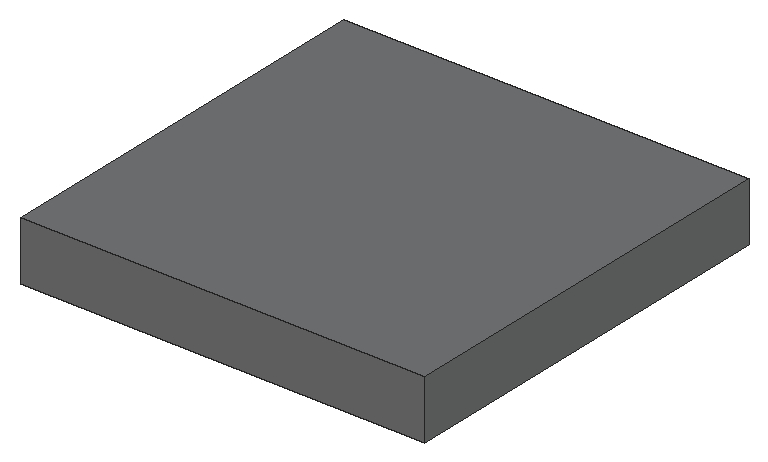
Revit family "Gira_536627", category Electrical Fixtures, host Face, Revit 2017
Family settings
  Host = Face
  Maintain Annotation Orientation = No
  Round Connector Dimension = Use Diameter
  Part Type = Normal
  Cut with Voids When Loaded = No
  Shared = No
  Room Calculation Point = No
Parameters (values of type "S3000 blind timer + timer Display System 55 p.white m")
  With LED indication = "Yes"
  URL = "http://katalog.gira.de/en/datenblatt.html?artikelnr=536627"
  Transparent = "No"
  Suitable for application with venetian shutter switch = "Yes"
  Suitable for application with switch = "No"
  Suitable for application with dimmer = "No"
  Number of actuation points = "4"
  Name = "S3000 blind timer + timer Display System 55 p.white m"
  Manufacturer URL = "https://www.gira.de/"
  Manufacturer = "Gira"
  Keynote = ""
  HeinzeBIM = "https://bimportal.heinze.de/bim/s3000-blind-timer-timer-display-system-55-p-white-m/ba0f8faf8da525392db5b70149b47ed1c3a6cdd6"
  HAN = "536627"
  GTIN = "4010337027461"
  Description = "S3000 blind tim. tim.Displ. Sys55 PWm,System 3000 blind timer and timer Display,,pure white matt,Features:,- Operation via capacitive sensor surface.,- Fast programming for adopting the current time as the programmed movement time switching time.,- Automatic summer winter time switchover, deactivatable.,- Switching at sunrise or sunset (astro function) adjustable for 18 countries.,- Astro time for sunrise and sunset can be individually adjusted by +-2 hours.,- The blocking function blocks operation of the auxiliary unit and deactivates automatic mode.,- The display turns off after 2 minutes, permanent display of time is possible.,- Programming of one raising and one lowering time or two switch-on and switch-off times for each day in week segments Mon-Fri and Sat+Sun."
  Default Elevation = 1219.2 mm
  Data sheet (1) = "https://katalog.gira.de/en/download.html?artikelnr=536627"
  Category = "Intelligent control element"
  BIM (1) = "https://media.stage.bim.site/public/gira/36a6b08/Sys55_Abdeckung_Schalten und Tasten.rfa?public/gira/36a6b08/Sys55_Abdeckung_Schalten und Tasten.rfa"
  Available = "No"
  Application = "Control of electrical users"
  Anthrazit [instance] = Anthrazit
Reference planes
  plane 1 "Center (Front/Back)": y = 0
  plane 2: z = 0
  plane 3 "Center (Left/Right)": x = 0
Forms (mm)
  Extrusion 1, solid, material "Anthrazit" <- "Anthrazit", detail levels fine
    sketch origin (0, 0, 0) x (1, 0, 0) y (0, 1, 0)
      loop
        line (-27.5, 27.5) -> (-27.5, -27.5) -> (27.5, -27.5) -> (27.5, 27.5) -> (-27.5, 27.5)
    from 0 to 8
  Extrusion 2, void
    sketch origin (0, 0, 0) x (1, 0, 0) y (0, 1, 0)
      loop
        line (26, 26) -> (-26, 26) -> (-26, -26) -> (26, -26) -> (26, 26)
    from 0 to 6
  Extrusion 3, solid, material "Anthrazit" <- "Anthrazit", detail levels medium
    sketch origin (0, 0, 0) x (1, 0, 0) y (0, 1, 0)
      loop
        line (-27.5, 27.5) -> (-27.5, -27.5) -> (27.5, -27.5) -> (27.5, 27.5) -> (-27.5, 27.5)
    from 0 to 8
  Extrusion 4, solid, material "Anthrazit" <- "Anthrazit", detail levels medium
    sketch origin (0, 0, 0) x (1, 0, 0) y (0, 1, 0)
      loop
        line (11, -17.5) -> (11, 17.5) -> (-11, 17.5) -> (-11, -17.5) -> (11, -17.5)
    from -6 to 6
  Extrusion 5, solid, material "Anthrazit" <- "Anthrazit", detail levels fine
    sketch origin (0, 0, 0) x (1, 0, 0) y (0, 1, 0)
      loop
        line (11, 17.5) -> (-11, 17.5) -> (-11, 16.5) -> (11, 16.5) -> (11, 17.5)
      loop
        line (-11, -16.5) -> (-11, -17.5) -> (11, -17.5) -> (11, -16.5) -> (-11, -16.5)
    from -4 to 6
  Extrusion 6, solid, material "Anthrazit" <- "Anthrazit", detail levels fine
    sketch origin (0, 0, 0) x (1, 0, 0) y (0, 1, 0)
      loop
        arc (5, 9.347) -> (0, 10.6) -> (-5, 9.347) r 10.6
        line (-5, 9.347) -> (-5, -9.347)
        arc (-5, -9.347) -> (0, -10.6) -> (5, -9.347) r 10.6
        line (5, -9.347) -> (5, 9.347)
    from -6 to 6
  Extrusion 7, solid, material "Anthrazit" <- "Anthrazit", detail levels coarse
    sketch origin (0, 0, 0) x (1, 0, 0) y (0, 1, 0)
      loop
        line (-27.5, 27.5) -> (-27.5, -27.5) -> (27.5, -27.5) -> (27.5, 27.5) -> (-27.5, 27.5)
    from -6 to 8
Cuts and joins
  Extrusion 2 cuts Extrusion 1
Dimensions and locks
  aligned and locked: plane 2 to host face
  aligned and locked: level to host face
